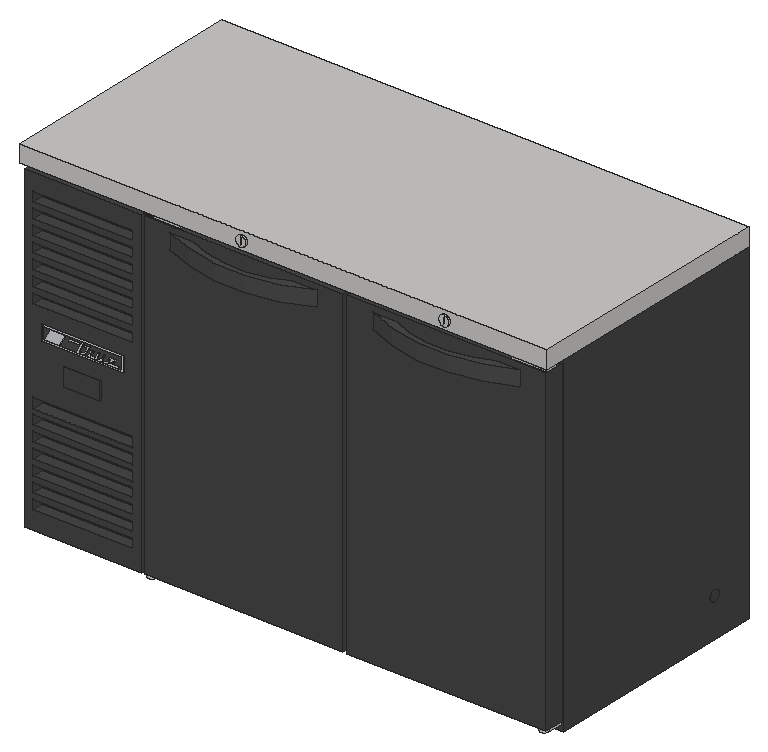
Revit family "QF_TRUE_TBR52-RISZ1-L-B-SS-1", category Specialty Equipment, Revit 2016 (continued)
Definition of nested family "CASTORS & LEGS"
  Forms (in)
    Revolve 2, solid, visible <- "Show Legs with Flandge"
      sketch origin (11.12172, 0, 0) x (-1, 0, 0) y (0, 0, -1)
        loop
          line (11.12172, -6) -> (11.12172, 0) -> (9.87172, 0) -> (9.87172, -0.25) -> (10.62172, -0.25) -> (10.62172, -0.5) -> (10.37172, -0.5) -> (10.37172, -6) -> (11.12172, -6)
        axis (11.12172, 0) -> (11.12172, -6)
      angle from 0 to 360
    Extrusion 3, solid, visible <- "Show Leg Levelers"
      sketch origin (0, 0, 0) x (1, 0, 0) y (0, 1, 0)
        loop
          circle (0, 0) r 0.75
      from 0 to 0.25
  Dimensions and locks (in)
    plane 4 "TOP" to level = 4"  (x2)
    locked: Revolve 1 sketch curve to Revolve 1 sketch curve at 0.5
    locked: Revolve 1 sketch curve to Revolve 1 sketch curve at 0.75
    locked: Revolve 2 sketch curve to Revolve 2 sketch curve at 0.75
    plane 5 to level = 5 3/4"
    plane 6 to plane 1 = 6"
    nested 1 to plane 1 = 3 1/8"
    nested 3 to level = 5"
    aligned and locked: level to plane 1
  Nested families (in)
    nested 1: "3 INCHES 01_CASTER" at (0, 0, 0), visible <- "Show 2 Inches Castors", type "3 INCHES 01_CASTER"
      with Type Mark "", Specification by User "", Revision Code "", Item Number "", Installed By "", Identify Quantity as Lot yes, Furnished By "", Foodservice Equipment Identifier yes, 3 Inches Caster yes
    nested 2: "HATCO_4 INCHES_CASTER" at (0, -0.75, 0), Show 4 Inches Caster <- "Show 3 Inches Castors", type "HATCO_4 INCHES_CASTER"
      with Type Mark "", Specification by User "", Show 4 Inches Caster yes, Revision Code "", Item Number "", Installed By "", Identify Quantity as Lot yes, Furnished By "", Foodservice Equipment Identifier yes
    nested 3: "5 INCHES 01_CASTER" at (0, 0, 0), visible <- "Show 4 Inches Castors", type "5 INCHES 01_CASTER"
      with Type Mark "", Specification by User "", Show 5" Casters yes, Revision Code "", Key Locks yes, Item Number "", Installed By "", Identify Quantity as Lot yes, Furnished By "", Foodservice Equipment Identifier yes
    nested 4: "7-8 INCHES_CASTER" at (0, 0, 0), visible <- "Show 1 Inch Rollers", type "7-8 INCHES_CASTER"
      with Type Mark "", Specification by User "", Revision Code "", Item Number "", Installed By "", Identify Quantity as Lot yes, Furnished By "", Foodservice Equipment Identifier yes, 2.5 Inches Caster yes
    nested 5: "6 INCHES 02_CASTER" at (0, 0, 0), visible <- "Show 5 Inches Castors", Show Casters <- "Show 5 Inches Castors", type "6 INCHES 02_CASTER"
      with Type Mark "", Specification by User "", Show Casters yes, Revision Code "", Item Number "", Installed By "", Identify Quantity as Lot yes, Furnished By "", Foodservice Equipment Identifier yes
  Definition of nested family "3 INCHES 01_CASTER"
    Parameters (values of type "3 INCHES 01_CASTER")
      Weight = ""
      URL Manufacturer = ""
      URL Cutsheet = ""
      URL = ""
      Type Mark [instance] = ""
      Specification by User [instance] = ""
      Specification by Manufacturer = ""
      Serial Number = ""
      Seismic Rating = ""
      SMACNA No = ""
      Revision Code [instance] = ""
      Omniclass Number and Title = ""
      NAFEM Spec ID Number = ""
      Model = ""
      MasterSpec. = ""
      Manufacturer = ""
      Item Number [instance] = ""
      Installed By [instance] = ""
      Identify Quantity as Lot [instance] = yes
      Furnished By [instance] = ""
      Foodservice Equipment Identifier [instance] = yes
      Description = ""
      CSI MasterFormat = ""
      CSI Master Format = ""
      Assembly Code = ""
      3 Inches Caster [instance] = yes
    Reference planes (in)
      plane 1: z = 0
      plane 2 "RIGHT": x = 0
      plane 3 "FRONT": y = 0
      plane 4 "TOP": z = 3.125
    Forms (in)
      Revolve 1, solid, visible <- "3 Inches Caster"
        sketch origin (-1.93794, 0.56004, -1.0041) x (1, 0, 0) y (0, 0, 1)
          loop
            line (0.74055, 2.11347) -> (0.74055, 2.03797) -> (0.79055, 1.98797) -> (0.85055, 1.98797) -> (0.85055, 1.8679) -> (1.235, 1.8679) -> (1.235, 1.7068) -> (1.36441, 1.63209) -> (1.4003, 1.41035) -> (1.34375, 1.41035) -> (1.34375, 1.28535) -> (1.375, 1.28535) -> (1.375, 1.0041) -> (2.48438, 1.0041) -> (2.48438, 1.28535) -> (2.51563, 1.28535) -> (2.51563, 1.41035) -> (2.45908, 1.41035) -> (2.49553, 1.6356) -> (2.62438, 1.70999) -> (2.62438, 1.8679) -> (3.04007, 1.8679) -> (3.04007, 1.98797) -> (3.10007, 1.98797) -> (3.15007, 2.03797) -> (3.15007, 2.11347) -> (0.74055, 2.11347)
          axis (0.74055, 2.11347) -> (3.15007, 2.11347)
        angle from 0 to 360
      Extrusion 2, solid, visible <- "3 Inches Caster"
        sketch origin (-1.93794, 1.35294, -3.2541) x (0, 1, 0) y (0, 0, 1)
          loop
            line (-0.41094, 5.86793) -> (-0.41094, 6.01276) -> (-2.29494, 6.01276) -> (-2.29494, 5.71244) -> (-1.82301, 5.71244)
            arc (-1.82301, 5.71244) -> (-1.00307, 5.59865) -> (-0.19592, 5.41488) r 9.6332
            arc (-0.19592, 5.41488) -> (0.12646, 5.29481) -> (0.42224, 5.11916) r 1.92059
            line (0.42224, 5.11916) -> (0.51314, 5.245)
            arc (0.51314, 5.245) -> (0.27353, 5.42569) -> (0.01201, 5.5729) r 2.25036
            line (0.01201, 5.5729) -> (0.09371, 5.71426)
            arc (0.09371, 5.71426) -> (-0.15272, 5.81043) -> (-0.41094, 5.86793) r 1.73151
        from 1.17357 to 2.70231
      Revolve 3, solid, visible <- "3 Inches Caster"
        sketch origin (0, 1.73858, -3.25) x (0, 1, 0) y (0, 0, 1)
          loop
            line (-1.73858, 6.375) -> (-1.73858, 6.00866) -> (-0.93293, 6.00866) -> (-0.93293, 6.375) -> (-1.73858, 6.375)
          axis (-1.73858, 6.00866) -> (-1.73858, 6.375)
        angle from 0 to 360
      Extrusion 4, solid, visible <- "3 Inches Caster"
        sketch origin (-1.98481, 1.35294, -1.7541) x (0, 1, 0) y (0, 0, 1)
          loop
            line (-2.29494, 4.51276) -> (-2.29494, 4.21244) -> (-2.2074, 4.21244)
            arc (-2.2074, 4.21244) -> (-1.58796, 3.87196) -> (-1.3103, 3.22193) r 1.0835
            arc (-1.3103, 3.22193) -> (-1.27304, 2.98711) -> (-1.19616, 2.76214) r 1.38462
            arc (-1.19616, 2.76214) -> (-0.77704, 2.49744) -> (-0.37393, 2.78593) r 0.44401
            arc (-0.37393, 2.78593) -> (-0.35491, 2.84407) -> (-0.34077, 2.90358) r 0.74034
            arc (-0.34077, 2.90358) -> (-0.07302, 3.38916) -> (0.4279, 3.62699) r 0.90376
            line (0.4279, 3.62699) -> (0.51314, 3.745)
            arc (0.51314, 3.745) -> (0.27353, 3.92569) -> (0.01201, 4.0729) r 2.25036
            line (0.01201, 4.0729) -> (0.09371, 4.21426)
            arc (0.09371, 4.21426) -> (-0.15272, 4.31043) -> (-0.41094, 4.36793) r 1.73151
            line (-0.41094, 4.36793) -> (-0.41094, 4.51276) -> (-2.29494, 4.51276)
        from 2.74918 to 2.90825
      Extrusion 5, solid, visible <- "3 Inches Caster"
        sketch origin (1.98481, 1.35294, -1.7541) x (0, 1, 0) y (0, 0, -1)
          loop
            line (-2.29494, -4.51276) -> (-0.41094, -4.51276) -> (-0.41094, -4.36793)
            arc (-0.41094, -4.36793) -> (-0.15272, -4.31043) -> (0.09371, -4.21426) r 1.73151
            line (0.09371, -4.21426) -> (0.01201, -4.0729)
            arc (0.01201, -4.0729) -> (0.27353, -3.92569) -> (0.51314, -3.745) r 2.25036
            line (0.51314, -3.745) -> (0.4279, -3.62699)
            arc (0.4279, -3.62699) -> (-0.07302, -3.38916) -> (-0.34077, -2.90358) r 0.90376
            arc (-0.34077, -2.90358) -> (-0.35491, -2.84407) -> (-0.37393, -2.78593) r 0.74034
            arc (-0.37393, -2.78593) -> (-0.77704, -2.49744) -> (-1.19616, -2.76214) r 0.44401
            arc (-1.19616, -2.76214) -> (-1.27304, -2.98711) -> (-1.3103, -3.22193) r 1.38462
            arc (-1.3103, -3.22193) -> (-1.58796, -3.87196) -> (-2.2074, -4.21244) r 1.0835
            line (-2.2074, -4.21244) -> (-2.29494, -4.21244) -> (-2.29494, -4.51276)
        from 2.74918 to 2.90825
    Cuts and joins
      joined: Extrusion 2, Extrusion 4, Extrusion 5
    Lines and regions (in)
      symbolic lines, visible <- "3 Inches Caster"
        curve 1: line (0.1877, 1.65194, 0) -> (0.89063, 1.2461, 0)
        curve 2: line (-1.00175, -0.40823, 0) -> (0.1877, 1.65194, 0)
        curve 3: line (-0.29881, -0.81407, 0) -> (-1.00175, -0.40823, 0)
        curve 4: line (0.89063, 1.2461, 0) -> (-0.29881, -0.81407, 0)
    Dimensions and locks (in)
      plane 4 "TOP" to level = 3 1/8"  (x2)
      aligned and locked: level to plane 1
  Definition of nested family "HATCO_4 INCHES_CASTER"
    Parameters (values of type "HATCO_4 INCHES_CASTER")
      URL Manufacturer = ""
      URL Cutsheet = ""
      URL = ""
      Type Mark [instance] = ""
      Specification by User [instance] = ""
      Specification by Manufacturer = ""
      Serial Number = ""
      Seismic Rating = ""
      SMACNA No = ""
      Revision Code [instance] = ""
      Omniclass Number and Title = ""
      NAFEM Spec ID Number = ""
      Model = ""
      Manufacturer = ""
      Item Number [instance] = ""
      Installed By [instance] = ""
      Identify Quantity as Lot [instance] = yes
      Furnished By [instance] = ""
      Foodservice Equipment Identifier [instance] = yes
      Description = ""
      CSI MasterFormat = ""
      CSI Master Format = ""
      Assembly Code = ""
      Show 4 Inches Caster [instance] = yes
    Reference planes (in)
      plane 1: z = 0
      plane 2 "RIGHT": x = 0
      plane 3 "FRONT": y = 0
      plane 4 "TOP": z = 4
    Forms (in)
      Revolve 1, solid, visible <- "Show 4 Inches Caster"
        sketch origin (-1.93794, 0.83816, -1.0041) x (1, 0, 0) y (0, 0, 1)
          loop
            line (0.74055, 2.5041) -> (3.15007, 2.5041) -> (3.15007, 2.5796) -> (3.10007, 2.6296) -> (3.04007, 2.6296) -> (3.04007, 2.74967) -> (2.62438, 2.74967) -> (2.62438, 2.93884) -> (2.48438, 3.01967) -> (2.45908, 3.17597) -> (2.51563, 3.17597) -> (2.51563, 3.41035) -> (2.48438, 3.41035) -> (2.48438, 4.0041) -> (1.375, 4.0041) -> (1.375, 3.41035) -> (1.34375, 3.41035) -> (1.34375, 3.17597) -> (1.4003, 3.17597) -> (1.37557, 3.02318) -> (1.235, 2.94202) -> (1.235, 2.74967) -> (0.85055, 2.74967) -> (0.85055, 2.6296) -> (0.79055, 2.6296) -> (0.74055, 2.5796) -> (0.74055, 2.5041)
          axis (0.74055, 2.5041) -> (3.15007, 2.5041)
        angle from 0 to 360
      Extrusion 2, solid, visible <- "Show 4 Inches Caster"
        sketch origin (-1.93794, 1.80294, -1.7541) x (0, 1, 0) y (0, 0, 1)
          loop
            line (-3.08794, 5.33423) -> (-3.08794, 5.00584) -> (-2.69466, 5.00584)
            arc (-2.69466, 5.00584) -> (-1.57175, 4.94895) -> (-0.46376, 4.75787) r 9.36411
            arc (-0.46376, 4.75787) -> (-0.05889, 4.58436) -> (0.28335, 4.30705) r 1.60049
            line (0.28335, 4.30705) -> (0.34449, 4.39437)
            arc (0.34449, 4.39437) -> (0.12713, 4.6163) -> (-0.1239, 4.79931) r 1.8753
            line (-0.1239, 4.79931) -> (-0.05749, 4.91421)
            arc (-0.05749, 4.91421) -> (-0.33807, 5.05694) -> (-0.64294, 5.13542) r 1.44292
            line (-0.64294, 5.13542) -> (-0.64294, 5.33423) -> (-3.08794, 5.33423)
        from 1.1267 to 2.74918
      Revolve 3, solid, visible <- "Show 4 Inches Caster"
        sketch origin (0, 2.15543, -2.25) x (0, 1, 0) y (0, 0, 1)
          loop
            line (-2.21793, 6.25) -> (-2.21793, 5.83014) -> (-1.05793, 5.83014) -> (-1.05793, 6.25) -> (-2.21793, 6.25)
          axis (-2.21793, 5.83014) -> (-2.21793, 6.25)
        angle from 0 to 360
      Extrusion 4, solid, visible <- "Show 4 Inches Caster"
        sketch origin (-1.93794, 1.80294, -1.7541) x (0, 1, 0) y (0, 0, 1)
          loop
            line (-3.08794, 5.33423) -> (-3.08794, 5.00584) -> (-2.8913, 5.00584)
            arc (-2.8913, 5.00584) -> (-2.09118, 4.14057) -> (-1.45681, 3.14736) r 6.63355
            arc (-1.45681, 3.14736) -> (-0.85703, 2.75969) -> (-0.4561, 3.35069) r 0.5107
            arc (-0.4561, 3.35069) -> (-0.27092, 3.92503) -> (0.24034, 4.24562) r 0.88136
            line (0.24034, 4.24562) -> (0.34449, 4.39437)
            arc (0.34449, 4.39437) -> (0.12713, 4.6163) -> (-0.1239, 4.79931) r 1.8753
            line (-0.1239, 4.79931) -> (-0.05749, 4.91421)
            arc (-0.05749, 4.91421) -> (-0.33807, 5.05694) -> (-0.64294, 5.13542) r 1.44292
            line (-0.64294, 5.13542) -> (-0.64294, 5.33423) -> (-3.08794, 5.33423)
        from 2.74918 to 2.90825
      Extrusion 5, solid, visible <- "Show 4 Inches Caster"
        sketch origin (1.93794, 1.80294, -1.7541) x (0, 1, 0) y (0, 0, -1)
          loop
            line (-3.08794, -5.33423) -> (-0.64294, -5.33423) -> (-0.64294, -5.13542)
            arc (-0.64294, -5.13542) -> (-0.33807, -5.05694) -> (-0.05749, -4.91421) r 1.44292
            line (-0.05749, -4.91421) -> (-0.1239, -4.79931)
            arc (-0.1239, -4.79931) -> (0.12713, -4.6163) -> (0.34449, -4.39437) r 1.8753
            line (0.34449, -4.39437) -> (0.24034, -4.24562)
            arc (0.24034, -4.24562) -> (-0.27092, -3.92503) -> (-0.4561, -3.35069) r 0.88136
            arc (-0.4561, -3.35069) -> (-0.85703, -2.75969) -> (-1.45681, -3.14736) r 0.5107
            arc (-1.45681, -3.14736) -> (-2.09118, -4.14057) -> (-2.8913, -5.00584) r 6.63355
            line (-2.8913, -5.00584) -> (-3.08794, -5.00584) -> (-3.08794, -5.33423)
        from 2.74918 to 2.90825
    Cuts and joins
      joined: Extrusion 2, Extrusion 4, Extrusion 5
    Lines and regions (in)
      symbolic lines, visible <- "Show 4 Inches Caster"
        curve 1: line (0.28481, 2.83041, 0) -> (1.24556, 2.27572, 0)
        curve 2: line (-1.26206, 0.15114, 0) -> (-0.69281, 1.13711, 0)
        curve 3: line (-0.30132, -0.40355, 0) -> (-1.26206, 0.15114, 0)
        curve 4: line (1.24556, 2.27572, 0) -> (0.69868, 1.3285, 0)
        curve 5: line (-0.2461, 1.91084, 0) -> (0.28481, 2.83041, 0)
        curve 6: line (0.19868, 0.46248, 0) -> (-0.30132, -0.40355, 0)
    Dimensions and locks (in)
      plane 4 "TOP" to level = 4"  (x2)
      aligned and locked: level to plane 1
  Definition of nested family "5 INCHES 01_CASTER"
    Parameters (values of type "5 INCHES 01_CASTER")
      Weight = ""
      URL Manufacturer = ""
      URL Cutsheet = ""
      URL = ""
      Type Mark [instance] = ""
      Specification by User [instance] = ""
      Specification by Manufacturer = ""
      Show 5" Casters [instance] = yes
      Serial Number = ""
      Seismic Rating = ""
      SMACNA No = ""
      Revision Code [instance] = ""
      Omniclass Number and Title = ""
      NAFEM Spec ID Number = ""
      Model = ""
      MasterSpec. = ""
      Manufacturer = ""
      Key Locks [instance] = yes
      Item Number [instance] = ""
      Installed By [instance] = ""
      Identify Quantity as Lot [instance] = yes
      Furnished By [instance] = ""
      Foodservice Equipment Identifier [instance] = yes
      Description = ""
      CSI MasterFormat = ""
      CSI Master Format = ""
      Assembly Code = ""
    Reference planes (in)
      plane 1: z = 0
      plane 2 "RIGHT": x = 0
      plane 3 "FRONT": y = 0
      plane 4 "TOP": z = 5
    Forms (in)
      Revolve 1, solid, visible <- "Show 5" Casters"
        sketch origin (-1.93794, 0.99859, -1.0041) x (1, 0, 0) y (0, 0, 1)
          loop
            line (0.74055, 3.0041) -> (0.74055, 2.9286) -> (0.79055, 2.8786) -> (0.85055, 2.8786) -> (0.85055, 2.75852) -> (1.235, 2.75852) -> (1.235, 2.56618) -> (1.37557, 2.48502) -> (1.49133, 1.76972) -> (1.34375, 1.76972) -> (1.34375, 1.53535) -> (1.375, 1.53535) -> (1.375, 1.0041) -> (2.48438, 1.0041) -> (2.48438, 1.53535) -> (2.51563, 1.53535) -> (2.51563, 1.76972) -> (2.36805, 1.76972) -> (2.48438, 2.48853) -> (2.62438, 2.56936) -> (2.62438, 2.75852) -> (3.04007, 2.75852) -> (3.04007, 2.8786) -> (3.10007, 2.8786) -> (3.15007, 2.9286) -> (3.15007, 3.0041) -> (0.74055, 3.0041)
          axis (0.74055, 3.0041) -> (3.15007, 3.0041)
        angle from 0 to 360
      Extrusion 2, solid, visible <- "Show 5" Casters"
        sketch origin (-1.93794, 1.96337, -0.7541) x (0, 1, 0) y (0, 0, 1)
          loop
            line (-3.37739, 5.33423) -> (-3.37739, 4.92712) -> (-2.49294, 4.92712)
            arc (-2.49294, 4.92712) -> (-1.47209, 4.91752) -> (-0.46376, 4.75787) r 6.92153
            arc (-0.46376, 4.75787) -> (0.14199, 4.53396) -> (0.67481, 4.16904) r 2.62713
            line (0.67481, 4.16904) -> (0.7876, 4.33012)
            arc (0.7876, 4.33012) -> (0.48098, 4.5674) -> (0.13288, 4.73811) r 1.91675
            line (0.13288, 4.73811) -> (0.21197, 4.87494)
            arc (0.21197, 4.87494) -> (-0.1576, 5.02102) -> (-0.54934, 5.08775) r 1.91675
            line (-0.54934, 5.08775) -> (-0.54934, 5.33423) -> (-3.37739, 5.33423)
        from 1.17357 to 2.70231
      Revolve 3, solid, visible <- "Show 5" Casters"
        sketch origin (0, 2.15543, -1.25) x (0, 1, 0) y (0, 0, 1)
          loop
            line (-2.21793, 6.25) -> (-2.21793, 5.83014) -> (-1.05793, 5.83014) -> (-1.05793, 6.25) -> (-2.21793, 6.25)
          axis (-2.21793, 5.83014) -> (-2.21793, 6.25)
        angle from 0 to 360
      Extrusion 4, solid, visible <- "Show 5" Casters"
        sketch origin (-1.98481, 1.96337, -0.7541) x (0, 1, 0) y (0, 0, 1)
          loop
            line (-3.37739, 5.33423) -> (-3.37739, 4.92712) -> (-3.13361, 4.92712)
            arc (-3.13361, 4.92712) -> (-2.12623, 3.92533) -> (-1.55834, 2.62307) r 3.79122
            arc (-1.55834, 2.62307) -> (-0.81477, 2.14247) -> (-0.31772, 2.87515) r 0.63314
            arc (-0.31772, 2.87515) -> (-0.02244, 3.67728) -> (0.68637, 4.15498) r 1.39003
            line (0.68637, 4.15498) -> (0.7876, 4.33012)
            arc (0.7876, 4.33012) -> (0.48098, 4.5674) -> (0.13288, 4.73811) r 1.91675
            line (0.13288, 4.73811) -> (0.21197, 4.87494)
            arc (0.21197, 4.87494) -> (-0.1576, 5.02102) -> (-0.54934, 5.08775) r 1.91675
            line (-0.54934, 5.08775) -> (-0.54934, 5.33423) -> (-3.37739, 5.33423)
        from 2.74918 to 2.90825
      Extrusion 5, solid, visible <- "Show 5" Casters"
        sketch origin (1.98481, 1.96337, -0.7541) x (0, 1, 0) y (0, 0, -1)
          loop
            line (-3.37739, -5.33423) -> (-0.54934, -5.33423) -> (-0.54934, -5.08775)
            arc (-0.54934, -5.08775) -> (-0.1576, -5.02102) -> (0.21197, -4.87494) r 1.91675
            line (0.21197, -4.87494) -> (0.13288, -4.73811)
            arc (0.13288, -4.73811) -> (0.48098, -4.5674) -> (0.7876, -4.33012) r 1.91675
            line (0.7876, -4.33012) -> (0.68637, -4.15498)
            arc (0.68637, -4.15498) -> (-0.02244, -3.67728) -> (-0.31772, -2.87515) r 1.39003
            arc (-0.31772, -2.87515) -> (-0.81477, -2.14247) -> (-1.55834, -2.62307) r 0.63314
            arc (-1.55834, -2.62307) -> (-2.12623, -3.92533) -> (-3.13361, -4.92712) r 3.79122
            line (-3.13361, -4.92712) -> (-3.37739, -4.92712) -> (-3.37739, -5.33423)
        from 2.74918 to 2.90825
    Cuts and joins
      joined: Extrusion 2, Extrusion 4, Extrusion 5
    Lines and regions (in)
      symbolic lines, visible <- "Show 5" Casters"
        curve 1: line (0.54262, 2.21348, 0) -> (1.50337, 1.65879, 0)
        curve 2: line (-1.45738, -1.25062, 0) -> (-0.70738, 0.04842, 0)
        curve 3: line (-0.49663, -1.80531, 0) -> (-1.45738, -1.25062, 0)
        curve 4: line (1.50337, 1.65879, 0) -> (0.75337, 0.35975, 0)
        curve 5: line (-0.20738, 0.91444, 0) -> (0.54262, 2.21348, 0)
        curve 6: line (0.25337, -0.50627, 0) -> (-0.49663, -1.80531, 0)
    Dimensions and locks (in)
      plane 4 "TOP" to level = 5"  (x2)
      aligned and locked: level to plane 1
  Definition of nested family "7-8 INCHES_CASTER"
    Parameters (values of type "7-8 INCHES_CASTER")
      Weight = ""
      URL Manufacturer = ""
      URL Cutsheet = ""
      URL = ""
      Type Mark [instance] = ""
      Specification by User [instance] = ""
      Specification by Manufacturer = ""
      Serial Number = ""
      Seismic Rating = ""
      SMACNA No = ""
      Revision Code [instance] = ""
      Omniclass Number and Title = ""
      NAFEM Spec ID Number = ""
      Model = ""
      MasterSpec. = ""
      Manufacturer = ""
      Item Number [instance] = ""
      Installed By [instance] = ""
      Identify Quantity as Lot [instance] = yes
      Furnished By [instance] = ""
      Foodservice Equipment Identifier [instance] = yes
      Description = ""
      CSI MasterFormat = ""
      CSI Master Format = ""
      Assembly Code = ""
      2.5 Inches Caster [instance] = yes
    Reference planes (in)
      plane 1: z = 0
      plane 2 "RIGHT": x = 0
      plane 3 "FRONT": y = 0
      plane 4 "TOP": z = 2.125
      plane 5: z = 0.875
    Forms (in)
      Revolve 1, solid, visible <- "2.5 Inches Caster"
        sketch origin (-1.93794, 0.16358, -1.0041) x (1, 0, 0) y (0, 0, 1)
          loop
            line (2.21963, 1.0041) -> (2.21963, 1.07441) -> (2.16308, 1.07441) -> (2.17665, 1.15827) -> (2.27369, 1.21429) -> (2.27369, 1.29531) -> (1.60219, 1.29531) -> (1.60219, 1.21429) -> (1.69923, 1.15827) -> (1.7128, 1.07441) -> (1.65625, 1.07441) -> (1.65625, 1.0041) -> (2.21963, 1.0041)
          axis (2.27369, 1.29531) -> (1.60219, 1.29531)
        angle from 0 to 360
      Extrusion 2, solid, visible <- "2.5 Inches Caster"
        sketch origin (-1.93794, 1.43296, -4.66527) x (0, 1, 0) y (0, 0, 1)
          loop
            line (-1.16673, 5.3791) -> (-1.71584, 5.3791) -> (-1.71584, 5.33314) -> (-1.62354, 5.33314)
            arc (-1.62354, 5.33314) -> (-1.55924, 5.29737) -> (-1.50495, 5.24769) r 0.31579
            line (-1.50495, 5.24769) -> (-0.93687, 5.24769)
            arc (-0.93687, 5.24769) -> (-0.98865, 5.28224) -> (-1.04346, 5.31172) r 0.65588
            line (-1.04346, 5.31172) -> (-1.01965, 5.35291)
            arc (-1.01965, 5.35291) -> (-1.09203, 5.3725) -> (-1.16673, 5.3791) r 0.4262
        from 1.60219 to 2.27369
      Revolve 3, solid, visible <- "2.5 Inches Caster"
        sketch origin (0, 1.73858, -5) x (0, 1, 0) y (0, 0, 1)
          loop
            line (-1.73858, 5.71382) -> (-1.35578, 5.71382) -> (-1.35578, 5.875) -> (-1.73858, 5.875) -> (-1.73858, 5.71382)
          axis (-1.73858, 5.71382) -> (-1.73858, 5.875)
        angle from 0 to 360
      Extrusion 4, solid, visible <- "2.5 Inches Caster"
        sketch origin (0.33575, 1.43296, -4.66527) x (0, 1, 0) y (0, 0, 1)
          loop
            line (-1.71584, 5.3791) -> (-1.71584, 5.33314) -> (-1.62354, 5.33314)
            arc (-1.62354, 5.33314) -> (-1.48788, 5.22611) -> (-1.42886, 5.06369) r 0.31579
            arc (-1.42886, 5.06369) -> (-1.418, 4.99525) -> (-1.39559, 4.92968) r 0.40356
            arc (-1.39559, 4.92968) -> (-1.27344, 4.85253) -> (-1.15595, 4.93662) r 0.12941
            arc (-1.15595, 4.93662) -> (-1.1504, 4.95356) -> (-1.14628, 4.97091) r 0.21578
            arc (-1.14628, 4.97091) -> (-1.06824, 5.11243) -> (-0.92225, 5.18175) r 0.26341
            line (-0.92225, 5.18175) -> (-0.8974, 5.21614)
            arc (-0.8974, 5.21614) -> (-0.96724, 5.26881) -> (-1.04346, 5.31172) r 0.65588
            line (-1.04346, 5.31172) -> (-1.01965, 5.35291)
            arc (-1.01965, 5.35291) -> (-1.09203, 5.3725) -> (-1.16673, 5.3791) r 0.4262
            line (-1.16673, 5.3791) -> (-1.71584, 5.3791)
        from 0 to 0.0625
      Extrusion 5, solid, visible <- "2.5 Inches Caster"
        sketch origin (-0.33575, 1.43296, -4.66527) x (0, -1, 0) y (0, 0, 1)
          loop
            line (1.71584, 5.3791) -> (1.16673, 5.3791)
            arc (1.16673, 5.3791) -> (1.09203, 5.3725) -> (1.01965, 5.35291) r 0.4262
            line (1.01965, 5.35291) -> (1.04346, 5.31172)
            arc (1.04346, 5.31172) -> (0.96724, 5.26881) -> (0.8974, 5.21614) r 0.65588
            line (0.8974, 5.21614) -> (0.92225, 5.18175)
            arc (0.92225, 5.18175) -> (1.06824, 5.11243) -> (1.14628, 4.97091) r 0.26341
            arc (1.14628, 4.97091) -> (1.1504, 4.95356) -> (1.15595, 4.93662) r 0.21578
            arc (1.15595, 4.93662) -> (1.27344, 4.85253) -> (1.39559, 4.92968) r 0.12941
            arc (1.39559, 4.92968) -> (1.418, 4.99525) -> (1.42886, 5.06369) r 0.40356
            arc (1.42886, 5.06369) -> (1.48788, 5.22611) -> (1.62354, 5.33314) r 0.31579
            line (1.62354, 5.33314) -> (1.71584, 5.33314) -> (1.71584, 5.3791)
        from 0 to 0.0625
    Lines and regions (in)
      symbolic lines, visible <- "2.5 Inches Caster"
        curve 1: line (0.14193, 0.81567, 0) -> (0.64448, 0.52552, 0)
        curve 2: line (-0.51849, -0.32822, 0) -> (0.14193, 0.81567, 0)
        curve 3: line (-0.01594, -0.61837, 0) -> (-0.51849, -0.32822, 0)
        curve 4: line (0.64448, 0.52552, 0) -> (-0.01594, -0.61837, 0)
    Dimensions and locks (in)
      plane 4 "TOP" to level = 2 1/8"  (x2)
      plane 5 to plane 1 = 7/8"
      aligned and locked: level to plane 1
  Definition of nested family "6 INCHES 02_CASTER"
    Parameters (values of type "6 INCHES 02_CASTER")
      Weight = ""
      URL Manufacturer = ""
      URL Cutsheet = ""
      URL = ""
      Type Mark [instance] = ""
      Specification by User [instance] = ""
      Specification by Manufacturer = ""
      Show Casters [instance] = yes
      Serial Number = ""
      Seismic Rating = ""
      SMACNA No = ""
      Revision Code [instance] = ""
      Omniclass Number and Title = ""
      NAFEM Spec ID Number = ""
      Model = ""
      MasterSpec. = ""
      Manufacturer = ""
      Item Number [instance] = ""
      Installed By [instance] = ""
      Identify Quantity as Lot [instance] = yes
      Furnished By [instance] = ""
      Foodservice Equipment Identifier [instance] = yes
      Description = ""
      CSI MasterFormat = ""
      CSI Master Format = ""
    Reference planes (in)
      plane 1 "BACK": y = 0
      plane 2: z = 0
      plane 3 "LEFT": x = 0
      plane 4 "RIGHT": x = 0
      plane 5 "FRONT": y = 0
      plane 6 "TOP": z = 6.0625
    Forms (in)
      Revolve 1, solid, visible <- "Show Casters"
        sketch origin (-2.21793, 0, -0.25) x (-1, 0, 0) y (0, 0, 1)
          loop
            line (-2.21793, 6) -> (-2.21793, 5.55584) -> (-0.93693, 5.55584) -> (-0.93693, 6) -> (-2.21793, 6)
          axis (-2.21793, 5.55584) -> (-2.21793, 6)
        angle from 0 to 360
      Extrusion 2, solid, visible <- "Show Casters"
        sketch origin (0.25594, 2.08988, -0.1875) x (0, 1, 0) y (0, 0, 1)
          loop
            line (-3.37793, 5.49334) -> (-3.37793, 5.24334) -> (-1.67236, 2.30765)
            arc (-1.67236, 2.30765) -> (-0.65502, 1.97635) -> (-0.25363, 2.96812) r 0.78437
            line (-0.25363, 2.96812) -> (-0.80182, 5.49334) -> (-3.37793, 5.49334)
        from 0.78968 to 0.90247
      Extrusion 3, solid, visible <- "Show Casters"
        sketch origin (0, 0, 5.75) x (0, 1, 0) y (-1, 0, 0)
          loop
            circle (0, 0) r 0.75
        from 0 to 0.3125
      Extrusion 4, solid, visible <- "Show Casters"
        sketch origin (-0.25594, 2.08988, -0.1875) x (0, 1, 0) y (0, 0, -1)
          loop
            line (-3.37793, -5.24334) -> (-3.37793, -5.49334) -> (-0.80182, -5.49334) -> (-0.25363, -2.96812)
            arc (-0.25363, -2.96812) -> (-0.65502, -1.97635) -> (-1.67236, -2.30765) r 0.78437
            line (-1.67236, -2.30765) -> (-3.37793, -5.24334)
        from 0.78968 to 0.90247
      Extrusion 5, solid, visible <- "Show Casters"
        sketch origin (0, -0.12806, 0.75) x (0, 1, 0) y (0, 0, 1)
          loop
            line (-1.16, 4.55584) -> (-1.16, 4.30584) -> (1.41611, 4.30584) -> (1.41611, 4.55584) -> (-1.16, 4.55584)
        from -1.04562 to 1.04562
      Revolve 6, solid, visible <- "Show Casters"
        sketch origin (-1.9375, 1.11772, -0.12802) x (1, 0, 0) y (0, 0, 1)
          loop
            line (0.5843, 2.5666) -> (0.5843, 2.4286) -> (0.6343, 2.3786) -> (0.6943, 2.3786) -> (0.6943, 2.2429) -> (1.1725, 2.2429) -> (1.1725, 1.84743) -> (1.30191, 1.77271) -> (1.42647, 1.00302) -> (1.28125, 1.00302) -> (1.28125, 0.75302) -> (1.3125, 0.75302) -> (1.3125, 0.50302)
            arc (1.3125, 0.50302) -> (1.42233, 0.23785) -> (1.6875, 0.12802) r 0.375
            line (1.6875, 0.12802) -> (2.1875, 0.12802)
            arc (2.1875, 0.12802) -> (2.45267, 0.23785) -> (2.5625, 0.50302) r 0.375
            line (2.5625, 0.50302) -> (2.5625, 0.75302) -> (2.59375, 0.75302) -> (2.59375, 1.00302) -> (2.44853, 1.00302) -> (2.57366, 1.77622) -> (2.7025, 1.85061) -> (2.7025, 2.2429) -> (3.1807, 2.2429) -> (3.1807, 2.3786) -> (3.2407, 2.3786) -> (3.2907, 2.4286) -> (3.2907, 2.5666) -> (0.5843, 2.5666)
          axis (0.5843, 2.5666) -> (3.2907, 2.5666)
        angle from 0 to 360
    Cuts and joins
      joined: Extrusion 2, Extrusion 4, Extrusion 5
    Lines and regions (in)
      symbolic lines, visible <- "Show Casters"
        curve 1: line (0.45873, 2.04243, 0) -> (1.54127, 1.41743, 0)
        curve 2: line (-1.54127, -1.42167, 0) -> (-0.79127, -0.12263, 0)
        curve 3: line (-0.45873, -2.04667, 0) -> (-1.54127, -1.42167, 0)
        curve 4: line (1.54127, 1.41743, 0) -> (0.79127, 0.11839, 0)
        curve 5: line (-0.29127, 0.74339, 0) -> (0.45873, 2.04243, 0)
        curve 6: line (0.29127, -0.74763, 0) -> (-0.45873, -2.04667, 0)
    Dimensions and locks (in)
      plane 6 "TOP" to level = 6 1/16"
      locked: plane 6 "TOP" to level at 6.0625
      aligned and locked: level to plane 2
